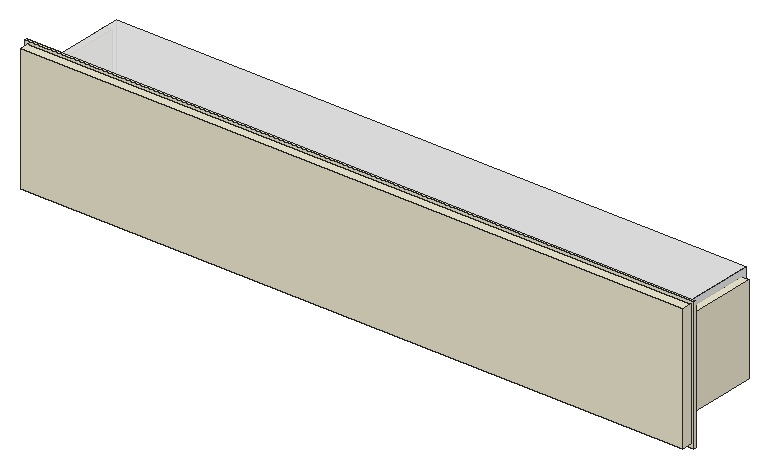
Revit family "Fuse (Vanity) 3-544-xx", category Lighting Fixtures, host Wall, Revit 2018
Family settings
  Host = Wall
  Round Connector Dimension = Use Diameter
  Part Type = Normal
  OmniClass Number = 23.80.70.00
  OmniClass Title = Lighting
  Always vertical = Yes
  Cut with Voids When Loaded = No
  Light Source = Yes
  Shared = No
  Room Calculation Point = No
Parameters (values of type "3-544-24 - Satin Nickel / Matte White Acrylic")
  Wattage Comments = "26.2 W at 120 V"  # constant formula
  Wattage = 26.2 W
  built-in parameter 1150110 = 1 (stored number, unit not read)
  Voltage Input = "120 V or 277 V - 50/60 Hz"  # constant formula
  Voltage = 120 V
  URL = "www.oxygenlighting.com"
  built-in parameter 1114217 = 1 (stored number, unit not read)
  Tilt Angle = 0.00°
  built-in parameter 1150109 = 1 (stored number, unit not read)
  built-in parameter 1150134 = (empty or 0)
  built-in parameter 1150113 = 1 (stored number, unit not read)
  References = "Ref. 3 = 120 V / Ref. 37 = 277 V"  # constant formula
  Photometric Web File = "3-544-24 Fuse Vanity.ies"
  Model = "3-544-XX / 37-3544-XX - Fuse"  # constant formula
  Metal Finish = 24 - Satin Nickel
  Manufacturer = "Oxygen - Lighting & Fans"  # constant formula
  Main Diffuser = Matte White Acrylic
  Lumens = 1810.42 lm
  built-in parameter 1150115 = 1 (stored number, unit not read)
  built-in parameter 1150105 = 144.07 (stored number, unit not read)
  built-in parameter 1150137 = (empty or 0)
  built-in parameter 1150139 = (empty or 0)
  built-in parameter 1150112 = 1 (stored number, unit not read)
  built-in parameter 1150114 = 1 (stored number, unit not read)
  Lamp = "LED Array"  # constant formula
  built-in parameter 1150132 = (empty or 0)
  built-in parameter 1150102 = (empty or 0)
  built-in parameter 1150138 = (empty or 0)
  built-in parameter 1150107 = 3000 (stored number, unit not read)
  built-in parameter 1150106 = 1.4407 (stored number, unit not read)
  built-in parameter 1150104 = 6.4196 (stored number, unit not read)
  Dimming Lamp Color Temperature Shift = <None>
  Color Filter = 16777215
  built-in parameter 1114218 = 1 (stored number, unit not read)
  built-in parameter 1150133 = 10 (stored number, unit not read)
Reference planes (in)
  plane 1: y = 0
  plane 2 "Light Source Axis (F/B)": y = 5.2
  plane 3 "Light Source Axis (L/R)": x = -1.43133
  plane 4 "Light Source Elevation": z = 72.6
  plane 5: x = 11.80755
  plane 6: x = -14.67021
  plane 7: y = 6.95
  plane 8: z = 75.2
  plane 9: z = 70
  plane 10: y = 3.45
  plane 11: y = 3.39
  plane 12: x = -13.89021
  plane 13: x = 11.02755
  plane 14: z = 74.61
  plane 15: z = 70.59
Forms (in)
  Extrusion 1, solid, material "24 - Satin Nickel" <- "Metal Finish"
    sketch origin (0, 5.2, 0) x (1, 0, 0) y (0, 0, 1)
      loop
        line (11.80755, 75.2) -> (-14.67021, 75.2) -> (-14.67021, 70) -> (11.80755, 70) -> (11.80755, 75.2)
    from 1.75 to 1.81
  Extrusion 2, solid, material "Matte White Acrylic" <- "Main Diffuser"
    sketch origin (0, 5.2, 0) x (1, 0, 0) y (0, 0, 1)
      loop
        line (11.02755, 74.61) -> (-13.89021, 74.61) -> (-13.89021, 70.59) -> (11.02755, 70.59) -> (11.02755, 74.61)
    from -1.75 to 1.75
  Extrusion 3, solid, material "24 - Satin Nickel" <- "Metal Finish"
    sketch origin (0, 5.2, 0) x (1, 0, 0) y (0, 0, 1)
      loop
        line (11.68755, 75.08) -> (-14.55021, 75.08) -> (-14.55021, 70.12) -> (11.68755, 70.12) -> (11.68755, 75.08)
    from 1.81 to 2.2
  Extrusion 4, solid, material "24 - Satin Nickel" <- "Metal Finish"
    sketch origin (-1.43133, 0, 0) x (0, -1, 0) y (0, 0, 1)
      loop
        line (-3.45, 74.36) -> (-6.7, 74.36) -> (-6.7, 70.84) -> (-3.45, 70.84) -> (-3.45, 74.36)
    from 12.45888 to 12.73468
  Extrusion 5, solid, material "24 - Satin Nickel" <- "Metal Finish"
    sketch origin (-1.43133, 0, 0) x (0, -1, 0) y (0, 0, -1)
      loop
        line (-3.45, -74.36) -> (-3.45, -70.84) -> (-6.7, -70.84) -> (-6.7, -74.36) -> (-3.45, -74.36)
    from 12.45888 to 12.73468
Text (in)
  text "Placement Side" at (0, 40.15149, 123.01588), in view "Right"
  text "Placement Side" at (-70.3804, 28.46503, 0), in view "Ref. Level"
  text "Placement Side" at (0, 85.69064, 140.59947), in view "Left"
Dimensions and locks (in)
  plane 6 to plane 5 = 26.47776"
  equal spacing: plane 6, plane 3 "Light Source Axis (L/R)", plane 5
  locked: plane 7 to host wall at 3.95
  equal spacing: plane 8, plane 4 "Light Source Elevation", plane 9
  locked: plane 8 to plane 9 at 5.2
  locked: plane 5 to plane 13 at 0.78
  locked: plane 12 to plane 6 at 0.78
  locked: host wall to plane 11 at 0.39
  locked: plane 11 to plane 10 at 0.06
  locked: plane 14 to plane 8 at 0.59
  locked: plane 9 to plane 15 at 0.59
  equal spacing: plane 7, plane 2 "Light Source Axis (F/B)", plane 10
  locked: Extrusion 3 sketch curve to plane 8 at 0.12
  locked: Extrusion 3 sketch curve to plane 6 at 0.12
  locked: plane 9 to Extrusion 3 sketch curve at 0.12
  locked: plane 5 to Extrusion 3 sketch curve at 0.12
  locked: Extrusion 4 sketch curve to Extrusion 2 at 0.25
  locked: plane 14 to Extrusion 4 sketch curve at 0.25
  locked: plane 15 to Extrusion 4 sketch curve at 0.25
  locked: Extrusion 4 to plane 12 at 0.2758
  locked: plane 13 to Extrusion 5 at 0.2758
  aligned: level to host wall
  aligned and locked: plane 3 "Light Source Axis (L/R)" to imposter light
  aligned and locked: Extrusion 1 sketch curve to plane 5
  aligned and locked: Extrusion 1 sketch curve to plane 8
  aligned and locked: Extrusion 1 sketch curve to plane 9
  aligned and locked: plane 6 to Extrusion 1 sketch curve
  aligned and locked: Extrusion 1 to plane 11
  aligned and locked: plane 10 to Extrusion 1
  aligned and locked: Extrusion 2 sketch curve to plane 13
  aligned and locked: Extrusion 2 sketch curve to plane 14
  aligned and locked: plane 12 to Extrusion 2 sketch curve
  aligned and locked: Extrusion 2 sketch curve to plane 15
  aligned and locked: Extrusion 2 to plane 10
  aligned and locked: plane 7 to Extrusion 2
  aligned and locked: Extrusion 3 to host wall
  aligned and locked: plane 11 to Extrusion 3
  aligned and locked: plane 10 to Extrusion 4 sketch curve
  aligned and locked: plane 12 to Extrusion 4
  aligned and locked: Extrusion 5 to plane 13
Automatic sketch dimensions
  Extrusion 5 sketch curve to plane 10 = 0.00"
  Extrusion 5 sketch curve to plane 7 = 0.25"
  Extrusion 5 sketch curve to plane 14 = 0.25"
  Extrusion 5 sketch curve to plane 15 = 0.25"
Connectors (in)
  electrical at (-1.43133, 3, 72.6), driven by "Voltage"
    settings: on Extrusion 3, index 1, voltage 120 V, apparent load 0 VA, apparent load phase1 0 VA, apparent load phase2 0 VA, apparent load phase3 0 VA, power factor 1, load classification "Other", number of poles 1, system type 31, power factor state 1, is connector primary yes, connector utility no, sub classification motor no, connector description ""
